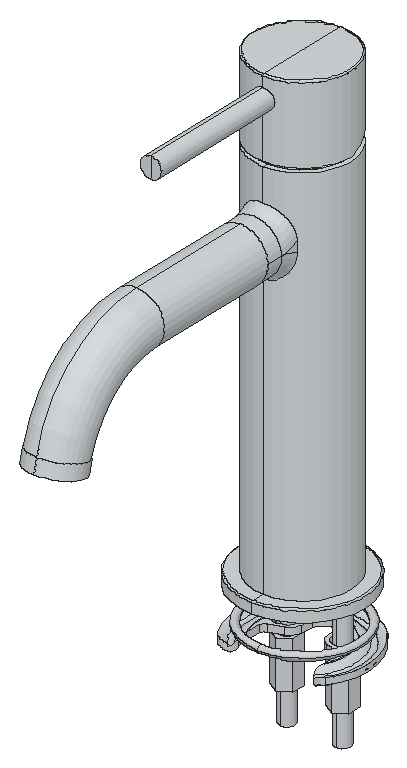
Revit family "Reece_Tap_Mizu_Drift_Basin Mixer_Curved", category Plumbing Fixtures, host Face, Revit 2018
Family settings
  Host = Face
  Round Connector Dimension = Use Diameter
  Part Type = Normal
  Cut with Voids When Loaded = No
  Shared = Yes
  Room Calculation Point = Yes
Parameters (values of type "120 mm_Brushed Nickel")
  WFU = 0  # constant formula
  URL = "https://www.reece.com.au/product/-2267240"
  Type Comments = "Tap"
  Reece_Tap_Reach = 120 mm  # constant formula
  Reece_Tap_Inlet = 12 mm  # constant formula
  Reece_Tap_Clearance = 92 mm  # constant formula
  Reece_Product_Web Page = "https://www.reece.com.au/product/-2267240"
  Reece_Product_Type = "Tap"  # constant formula
  Reece_Product_Sub Brand = "Drift"  # constant formula
  Reece_Product_Number = "2267240"
  Reece_Product_Mount = "Hob Mounted"  # constant formula
  Reece_Product_Description = "Mizu Drift Basin Mixer Curved Spout Brushed Nickel (6 Star) Lead Free"
  Reece_Product_Brand = "Mizu"  # constant formula
  Reece_Overall_Length = 155 mm  # constant formula
  Reece_Overall_Height = 185 mm  # constant formula
  Reece_Nozzle_Pipe Radius = 10.5 mm  # constant formula
  Reece_Material_Main = Reece_Brass_Brushed Nickel
  Reece_Detail_Installation = ""
  Reece_Detail_Disclaimer = "THIS FILE IS THE PROPERTY OF THE REECE GROUP. IT MAY NOT BE REPRODUCED, REVERSE-ENGINEERED, OR MODIFIED. ANY REPUBLICATION, TRANSMISSION, OR DISTRIBUTION FOR THE PURPOSE OF COMMERCIALLY EXPLOITING THE FILES IS PROHIBITED."  # constant formula
  Reece_Detail_Connector = ""
  Reece_Detail_Additional = ""
  Model = "Drift"
  Manufacturer = "Mizu"
  Keynote = "Product #2267240, Reece_Tap_Mizu_Drift_Basin Mixer_Curved - 120 mm_Brushed Nickel"
  HWFU = 0  # constant formula
  Disclaimer = "THIS FILE IS THE PROPERTY OF THE REECE GROUP. IT MAY NOT BE REPRODUCED, REVERSE-ENGINEERED, OR MODIFIED. ANY REPUBLICATION, TRANSMISSION, OR DISTRIBUTION FOR THE PURPOSE OF COMMERCIALLY EXPLOITING THE FILES IS PROHIBITED."  # constant formula
  Description = "Mizu Drift Basin Mixer Curved Spout Brushed Nickel (6 Star) Lead Free"
  Default Elevation = 1000 mm
  CWFU = 0  # constant formula
Types (6, lengths in mm): name | URL | Reece_Product_Web Page | Reece_Product_Number | Reece_Product_Description | Reece_Material_Main | Keynote | Description
  120 mm_Brushed Nickel | "https://www.reece.com.au/product/-2267240" | "https://www.reece.com.au/product/-2267240" | "2267240" | "Mizu Drift Basin Mixer Curved Spout Brushed Nickel (6 Star) Lead Free" | Reece_Brass_Brushed Nickel | "Product #2267240, Reece_Tap_Mizu_Drift_Basin Mixer_Curved - 120 mm_Brushed Nickel" | "Mizu Drift Basin Mixer Curved Spout Brushed Nickel (6 Star) Lead Free"
  120 mm_Chrome | "https://www.reece.com.au/product/-2267198" | "https://www.reece.com.au/product/-2267198" | "2267198" | "Mizu Drift Basin Mixer Curved Spout Chrome (6 Star) Lead Free" | Reece_Brass_Chrome | "Product #2267198, Reece_Tap_Mizu_Drift_Basin Mixer_Curved - 120 mm_Chrome" | "Mizu Drift Basin Mixer Curved Spout Chrome (6 Star) Lead Free"
  120 mm_Matte Black | "https://www.reece.com.au/product/-2267220" | "https://www.reece.com.au/product/-2267220" | "2267220" | "Mizu Drift Basin Mixer Curved Spout Matte Black (6 Star) Lead Free" | Reece_Brass_Matte Black | "Product #2267220, Reece_Tap_Mizu_Drift_Basin Mixer_Curved - 120 mm_Matte Black" | "Mizu Drift Basin Mixer Curved Spout Matte Black (6 Star) Lead Free"
  120 mm_Brushed Gunmetal | "https://www.reece.com.au/product/-2267260" | "https://www.reece.com.au/product/-2267260" | "2267260" | "Mizu Drift Basin Mixer Curved Spout Brushed Gunmetal (6 Star) Lead Free" | Reece_Brass_Brushed Gunmetal | "Product #2267260, Reece_Tap_Mizu_Drift_Basin Mixer_Curved - 120 mm_Brushed Gunmetal" | "Mizu Drift Basin Mixer Curved Spout Brushed Gunmetal (6 Star) Lead Free"
  120 mm_Brushed Brass | "https://www.reece.com.au/product/-2267280" | "https://www.reece.com.au/product/-2267280" | "2267280" | "Mizu Drift Basin Mixer Curved Spout Brushed Brass (6 Star) Lead Free" | Reece_Brass_Brushed | "Product #2267280, Reece_Tap_Mizu_Drift_Basin Mixer_Curved - 120 mm_Brushed Brass" | "Mizu Drift Basin Mixer Curved Spout Brushed Brass (6 Star) Lead Free"
  120 mm_Brushed Bronze | "https://www.reece.com.au/product/-2269191" | "https://www.reece.com.au/product/-2269191" | "2269191" | "Mizu Drift Basin Mixer Curved Spout Brushed Bronze (6 Star) Lead Free" | Reece_Brass_Brushed Bronze | "Product #2269191, Reece_Tap_Mizu_Drift_Basin Mixer_Curved - 120 mm_Brushed Bronze" | "Mizu Drift Basin Mixer Curved Spout Brushed Bronze (6 Star) Lead Free"
Reference planes
  plane 1 "Center (Front/Back)": y = 0
  plane 2: z = 0
  plane 3 "Center (Left/Right)": x = 0
  plane 4: y = -19
  plane 5: y = -120
  plane 6 "Top": z = 185
  plane 7: y = -73.243
  plane 8: y = -18.443
  plane 9: z = 92
  plane 10: through (0, -120, 92) normal (0, 0.9659, -0.2588)
  plane 11: z = 127
  plane 12: y = 24.5
  plane 13: y = -130.5
Forms (mm)
  Revolve 1, solid, material "Reece_Brass_Brushed Nickel" <- "Reece_Material_Main"
    sketch origin (0, 0, 0) x (0, 1, 0) y (0, 0, 1)
      loop
        line (-19, 152.8) -> (-19, 4.5) -> (-17.5, 4.5) -> (-17.5, 7) -> (0, 7) -> (0, 157.8) -> (-13.55, 157.8) -> (-13.55, 161.484)
        arc (-13.55, 161.484) -> (-15.733, 157.339) -> (-16.892, 152.8) r 20
        line (-16.892, 152.8) -> (-19, 152.8)
      axis (0, 161.484) -> (0, 4.5)
    angle from 0 to 360
  Revolve 2, solid, material "Reece_Brass_Brushed Nickel" <- "Reece_Material_Main"
    sketch origin (0, 0, 0) x (0, 1, 0) y (0, 0, 1)
      loop
        line (-17.5, 4.5) -> (-24, 4.5)
        arc (-24, 4.5) -> (-24.354, 4.354) -> (-24.5, 4) r 0.5
        line (-24.5, 4) -> (-24.5, 0) -> (-22, 0) -> (-22, -1) -> (-18, -1) -> (-18, 2) -> (-16.5, 2) -> (-16.5, 5.5) -> (-17.5, 5.5) -> (-17.5, 4.5)
      axis (0, 5.5) -> (0, -1)
    angle from 0 to 360
  Revolve 3, solid, material "Reece_Brass_Brushed Nickel" <- "Reece_Material_Main"
    sketch origin (0, 0, 1) x (0, 1, 0) y (0, 0, 1)
      loop
        line (-19, 153.55) -> (-17.852, 153.55) -> (-17.5, 158.59) -> (-17.5, 162.3) -> (0, 162.3) -> (0, 184)
        arc (0, 184) -> (-9.246, 183.907) -> (-18.489, 183.63) r 465.11
        arc (-18.489, 183.63) -> (-18.852, 183.467) -> (-19, 183.099) r 0.532
        line (-19, 183.099) -> (-19, 153.55)
      axis (0, 184) -> (0, 153.55)
    angle from 0 to 360
  Extrusion 4, void
    sketch origin (0, 21.394, 163.687) x (0, 0.91357, 0.406681) y (1, 0, 0)
      loop
        line (14.799, 24.5) -> (-35.201, 24.5) -> (-35.201, -24.5) -> (14.799, -24.5) -> (14.799, 24.5)
    from 0 to 19
  Revolve 5, void
    sketch origin (0, 0, -1.813) x (0, 1, 0) y (0, 0, 1)
      loop
        line (17.434, 173.743) -> (17.434, 169.75) -> (20.568, 169.75) -> (20.568, 173.743) -> (17.434, 173.743)
      axis (20.568, 169.75) -> (17.434, 169.75)
    angle from 0 to 360
  Revolve 6, solid, material "Reece_Brass_Brushed Nickel" <- "Reece_Material_Main"
    sketch origin (0, 0, -1.813) x (0, 1, 0) y (0, 0, 1)
      loop
        arc (19.852, 169.75) -> (19.653, 171.536) -> (19.065, 173.234) r 8.104
        arc (19.065, 173.234) -> (18.801, 173.532) -> (18.419, 173.642) r 0.716
        line (18.419, 173.642) -> (17.555, 173.642) -> (17.555, 169.75) -> (19.852, 169.75)
      axis (17.555, 169.75) -> (19.852, 169.75)
    angle from 0 to 360
  Revolve 7, solid
    sketch origin (0, 0, 0) x (0, 1, 0) y (0, 0, 1)
      loop
        circle (22.2, -14) r 1.3
      axis (1, -14) -> (1, -13)
    angle from 0 to 360
  Extrusion 8, void
    sketch origin (0, 2, 7) x (1, 0, 0) y (0, 1, 0)
      loop
        circle (-7, -9.5) r 6.7
      loop
        circle (-10.749, 4.019) r 3.519
      loop
        circle (10.75, 4) r 3.5
      loop
        circle (7, -9.5) r 6.7
    from 0 to 4
  Extrusion 9, solid
    sketch origin (0, 2, 7) x (0, 1, 0) y (1, 0, 0)
      loop
        circle (4, 10.75) r 3
      loop
        circle (4, -10.75) r 3
    from 0 to 61.5
  Revolve 10, solid
    sketch origin (0, 0, 0) x (0, 1, 0) y (0, 0, 1)
      loop
        arc (18.75, -21.5) -> (21.75, -23) -> (24.75, -21.5) r 3.75
        line (24.75, -21.5) -> (25.75, -21.5) -> (25.75, -19)
        arc (25.75, -19) -> (24.212, -19.499) -> (22.941, -20.498) r 4.61
        arc (22.941, -20.498) -> (21.841, -21) -> (20.728, -20.527) r 1.5
        arc (20.728, -20.527) -> (19.122, -19.398) -> (17.2, -19) r 4.84
        line (17.2, -19) -> (17.2, -21.5) -> (18.75, -21.5)
      axis (0, -19) -> (0, -21.5)
    angle from 0 to 360
  Extrusion 11, solid
    sketch origin (0, 0, -23) x (1, 0, 0) y (0, 1, 0)
      loop
        arc (-9.053, 2.711) -> (-6.961, 7.197) -> (-11.447, 9.289) r 3.5
        line (-11.447, 9.289) -> (-13.326, 8.605)
        arc (-13.326, 8.605) -> (-15.418, 4.119) -> (-10.932, 2.027) r 3.5
        line (-10.932, 2.027) -> (-9.053, 2.711)
      loop
        arc (-5.01, 5.791) -> (-6.06, 3.288) -> (-8.263, 1.702) r 5
        line (-8.263, 1.702) -> (-13.684, -0.271)
        arc (-13.684, -0.271) -> (-14.638, -1.003) -> (-15, -2.15) r 2
        line (-15, -2.15) -> (-15, -8.417)
        arc (-15, -8.417) -> (0, 17.2) -> (15, -8.417) r 17.2
        line (15, -8.417) -> (15, -2.15)
        arc (15, -2.15) -> (14.638, -1.003) -> (13.684, -0.271) r 2
        line (13.684, -0.271) -> (8.263, 1.702)
        arc (8.263, 1.702) -> (6.06, 3.288) -> (5.01, 5.791) r 5
        line (5.01, 5.791) -> (4.466, 10.221)
        arc (4.466, 10.221) -> (0, 14.173) -> (-4.466, 10.221) r 4.5
        line (-4.466, 10.221) -> (-5.01, 5.791)
      loop
        arc (11.447, 9.289) -> (6.961, 7.197) -> (9.053, 2.711) r 3.5
        line (9.053, 2.711) -> (10.932, 2.027)
        arc (10.932, 2.027) -> (15.418, 4.119) -> (13.326, 8.605) r 3.5
        line (13.326, 8.605) -> (11.447, 9.289)
    from 1.5 to 4
  Extrusion 12, void
    sketch origin (0, 0, -23) x (1, 0, 0) y (0, 1, 0)
      loop
        line (27.556, -34.599) -> (27.556, -14.961) -> (20.958, -14.961)
        arc (20.958, -14.961) -> (17.049, -15.272) -> (15, -11.93) r 3.75
        line (15, -11.93) -> (15, -8.417) -> (-15, -8.417) -> (-15, -11.93)
        arc (-15, -11.93) -> (-17.049, -15.272) -> (-20.958, -14.961) r 3.75
        line (-20.958, -14.961) -> (-27.556, -14.961) -> (-27.556, -34.599) -> (27.556, -34.599)
    from 0 to 5
  Extrusion 13, solid
    sketch origin (0, 0, 0) x (1, 0, 0) y (0, 1, 0)
      loop
        circle (10.75, 6) r 3
      loop
        line (10.75, 11.196) -> (6.25, 8.598) -> (6.25, 3.402) -> (10.75, 0.804) -> (15.25, 3.402) -> (15.25, 8.598) -> (10.75, 11.196)
      loop
        circle (-10.75, 6) r 3
      loop
        line (-10.75, 11.196) -> (-15.25, 8.598) -> (-15.25, 3.402) -> (-10.75, 0.804) -> (-6.25, 3.402) -> (-6.25, 8.598) -> (-10.75, 11.196)
    from -41.5 to -23
  Extrusion 14, void
    sketch origin (0, 0, 0) x (1, 0, 0) y (0, 1, 0)
      loop
        circle (0, 0) r 22
    from 0 to -35
  Revolve 15, solid, material "Reece_Brass_Brushed Nickel" <- "Reece_Material_Main"
    sketch origin (0, -229.818, 400.763) x (0, -1, 0) y (0, 0, -1)
      loop
        line (-211.374, 228.583) -> (-211.374, 224.583) -> (-156.574, 224.583) -> (-156.574, 228.583) -> (-211.374, 228.583)
      axis (-211.374, 224.583) -> (-156.574, 224.583)
    angle from 0 to 360
  Sweep 16, solid, material "Reece_Brass_Brushed Nickel" <- "Reece_Material_Main"
    path origin (0, 0, 0) x (0, 1, 0) y (0, 0, 1)
      loop
        line (-29.929, 127) -> (-79.929, 127)
        arc (-79.929, 127) -> (-104.279, 118.734) -> (-118.566, 97.353) r 40
        line (-118.566, 97.353) -> (-120, 92)
    profile origin (0, -54.929, 127) x (0, 0, -1) y (1, 0, 0)
      loop
        circle (0, 0) r 10.5
  Sweep 17, solid, material "Reece_Brass_Brushed Nickel" <- "Reece_Material_Main"
    path origin (0, 0, 0) x (0, 1, 0) y (0, 0, 1)
      loop
        line (-29.929, 137.5) -> (-23.438, 137.5)
        arc (-23.438, 137.5) -> (-19.902, 138.964) -> (-18.438, 142.5) r 5
        line (-18.438, 142.5) -> (-18.438, 147.5)
    profile origin (0, -26.683, 137.5) x (0, 0, 1) y (1, 0, 0)
      loop
        arc (-10.5, -10.5) -> (0, 0) -> (-10.5, 10.5) r 10.5
        line (-10.5, 10.5) -> (-10.5, -10.5)
  Revolve 18, void
    sketch origin (0, 0, 0) x (0, 1, 0) y (0, 0, 1)
      loop
        line (-120.258, 91.037) -> (-109.445, 88.139) -> (-109.187, 89.103) -> (-110.567, 89.472) -> (-110.041, 91.436) -> (-111.007, 91.695) -> (-111.27, 90.713) -> (-119.737, 92.982) -> (-120.258, 91.037)
      axis (-120.258, 91.037) -> (-119.474, 93.964)
    angle from 0 to 360
  Sweep 19, solid, material "Reece_Brass_Brushed Nickel" <- "Reece_Material_Main"
    path origin (0, 0, 254) x (0, 1, 0) y (0, 0, -1)
      loop
        line (-29.929, 137.5) -> (-23.438, 137.5)
        arc (-23.438, 137.5) -> (-19.902, 138.964) -> (-18.438, 142.5) r 5
        line (-18.438, 142.5) -> (-18.438, 147.5)
    profile origin (0, -26.683, 116.5) x (0, 0, 1) y (1, 0, 0)
      loop
        line (10.5, -10.5) -> (10.5, 10.5)
        arc (10.5, 10.5) -> (0, 0) -> (10.5, -10.5) r 10.5
  Extrusion 20, solid, material "Reece_Brass_Brushed Nickel" <- "Reece_Material_Main"
    sketch origin (0, 0, 0) x (0, 1, 0) y (0, 0, 1)
      loop
        arc (-23.438, 127) -> (-12.477, 122.46) -> (-7.938, 111.5) r 15.5
        line (-7.938, 111.5) -> (-7.938, 142.5)
        arc (-7.938, 142.5) -> (-12.477, 131.54) -> (-23.438, 127) r 15.5
    from -10.5 to 10.5
Cuts and joins
  Extrusion 4, Revolve 5 cuts Revolve 3
  joined: Revolve 3, Revolve 15
  Extrusion 8 cuts Extrusion 9
  Extrusion 12 cuts Revolve 10
  Extrusion 8 cuts Revolve 2
  Extrusion 8 cuts Revolve 1
  Revolve 18 cuts Sweep 16
  joined: Revolve 1, Sweep 16, Sweep 17, Sweep 19, Extrusion 20
Lines and regions (mm)
  reference lines
    curve 1: line (0, 42.299, 172.993) -> (0, 0.166, 154.237)
Text (mm)
  text "Reece ©" at (-747.266, -372.688, 0), in view "Ref. Level"
  text "Reece ©" at (-1.128, 151.197, 130.104), in view "Reece Preview"
Dimensions and locks
  locked: Revolve 1 sketch curve to Revolve 1 sketch curve at 2.5
  Revolve 1 sketch curve to Revolve 1 sketch curve = 19 mm
  Revolve 2 sketch curve to Revolve 2 sketch curve = 24.5 mm
  locked: Revolve 2 sketch curve to Revolve 2 sketch curve at 2.5
  locked: Revolve 2 sketch curve to Revolve 2 sketch curve at 3.5
  locked: Revolve 2 sketch curve to Revolve 2 sketch curve at 1
  Revolve 2 sketch curve to Revolve 2 sketch curve = 17.5 mm
  locked: Revolve 2 sketch curve to Revolve 2 sketch curve at 1.5
  Revolve 3 sketch curve to Revolve 3 sketch curve = 19 mm
  locked: Revolve 3 sketch curve to Revolve 3 sketch curve at 1.5
  Extrusion 4 sketch curve to curve 1 to Extrusion 4 sketch curve = 24.5 mm, 24.5 mm
  locked: plane 7 to plane 8 at 54.8
  "Reece_Tap_Reach": plane 5 to plane 1 "Center (Front/Back)"
  "Reece_Overall_Height": plane 6 "Top" to level
  "Reece_Tap_Clearance": plane 9 to level
  "Reece_Overall_Length": plane 12 to plane 13
  "Reece_Nozzle_Pipe Radius": radius of Sweep 16 sketch curve
  angle plane 10 to plane 5 = 15.00°
  angle plane 5 to plane 10 = 15.00°
  aligned and locked: plane 2 to host face
  aligned and locked: level to host face
  aligned and locked: Revolve 3 sketch curve to Revolve 3 sketch curve
  aligned and locked: Revolve 15 sketch curve to Revolve 15 sketch curve
  aligned and locked: plane 7 to Revolve 15 sketch curve
  aligned and locked: plane 8 to Revolve 15 sketch curve
  aligned and locked: Revolve 18 sketch curve to plane 10
Automatic sketch dimensions
  host sketch curve to host sketch curve = 380.785 mm
  host sketch curve to host sketch curve = 317.421 mm
  curve 1 to plane 1 "Center (Front/Back)" = 0.166 mm
  curve 1 to plane 11 = 27.238 mm
  curve 1 to plane 12 = 17.799 mm
  curve 1 to plane 6 "Top" = 12.007 mm
  Revolve 1 sketch curve to plane 4 = 0 mm
  Revolve 1 sketch curve to plane 1 "Center (Front/Back)" = 0 mm
  Revolve 1 sketch curve to Revolve 1 sketch curve = 1.5 mm
  Revolve 1 sketch curve to Revolve 1 sketch curve = 2.108 mm
  Revolve 1 sketch curve to plane 4 = 5.45 mm
  Revolve 1 sketch curve to plane 1 "Center (Front/Back)" = 2.932 mm
  level to Revolve 1 sketch curve = 4.5 mm
  Revolve 1 sketch curve to plane 11 = 23.156 mm
  Revolve 1 sketch curve to Revolve 1 sketch curve = 2.644 mm
  Revolve 1 sketch curve to Revolve 1 sketch curve = 7.644 mm
  Revolve 1 sketch curve to level = 340.81 mm
  plane 6 "Top" to Revolve 1 sketch curve = 2226.37 mm
  Revolve 2 sketch curve to level = 0 mm
  Revolve 2 sketch curve to plane 1 "Center (Front/Back)" = 0 mm
  Revolve 2 sketch curve to Revolve 2 sketch curve = 0.5 mm
  Revolve 2 sketch curve to level = 1 mm
  level to Revolve 2 sketch curve = 2 mm
  Revolve 2 sketch curve to Revolve 2 sketch curve = 4 mm
  Revolve 2 sketch curve to Revolve 2 sketch curve = 339.81 mm
  plane 6 "Top" to Revolve 2 sketch curve = 2226.37 mm
  Revolve 3 sketch curve to plane 4 = 0 mm
  Revolve 3 sketch curve to plane 6 "Top" = 0 mm
  Revolve 3 sketch curve to plane 4 = 0.532 mm
  Revolve 3 sketch curve to Revolve 3 sketch curve = 1.148 mm
  Revolve 3 sketch curve to plane 1 "Center (Front/Back)" = 0.055 mm
  Revolve 3 sketch curve to plane 6 "Top" = 0.901 mm
  Revolve 3 sketch curve to Revolve 3 sketch curve = 20.799 mm
  Revolve 3 sketch curve to Revolve 3 sketch curve = 3.71 mm
  Revolve 3 sketch curve to Revolve 3 sketch curve = 5.04 mm
  Revolve 3 sketch curve to level = 280.11 mm
  Revolve 3 sketch curve to Revolve 3 sketch curve = 59.7 mm
  Revolve 3 sketch curve to Revolve 3 sketch curve = 2176.364 mm
  Extrusion 4 sketch curve to curve 1 = 11.965 mm
  Extrusion 4 sketch curve to curve 1 = 8.083 mm
  plane 12 to Revolve 5 sketch curve = 7.066 mm
  Revolve 5 sketch curve to Revolve 5 sketch curve = 3.134 mm
  Revolve 5 sketch curve to plane 6 "Top" = 17.062 mm
  Revolve 5 sketch curve to Revolve 5 sketch curve = 3.993 mm
  Revolve 5 sketch curve to Revolve 5 sketch curve = 2.864 mm
  Revolve 5 sketch curve to plane 12 = 0.07 mm
  Revolve 5 sketch curve to Revolve 5 sketch curve = 0 mm
  Revolve 6 sketch curve to plane 1 "Center (Front/Back)" = 11.748 mm
  Revolve 6 sketch curve to Revolve 6 sketch curve = 5.807 mm
  Revolve 6 sketch curve to Revolve 6 sketch curve = 0.864 mm
  Revolve 6 sketch curve to Revolve 6 sketch curve = 2.297 mm
  Revolve 6 sketch curve to plane 6 "Top" = 17.062 mm
  Revolve 6 sketch curve to Revolve 6 sketch curve = 3.177 mm
  Revolve 6 sketch curve to Revolve 6 sketch curve = 0.716 mm
  Revolve 6 sketch curve to Revolve 6 sketch curve = 1.775 mm
  Revolve 6 sketch curve to plane 12 = 1.006 mm
  Revolve 6 sketch curve to Revolve 6 sketch curve = 0 mm
  plane 12 to Revolve 7 sketch curve = 2.3 mm
  Revolve 7 sketch curve to level = 14 mm  (x2)
  Revolve 7 sketch curve to plane 1 "Center (Front/Back)" = 1 mm
  Revolve 7 sketch curve to Revolve 7 sketch curve = 4.102 mm
  Revolve 1 to Extrusion 8 sketch curve = 10.749 mm
  Revolve 1 to Extrusion 8 sketch curve = 7 mm
  Extrusion 8 sketch curve to Revolve 1 = 7 mm
  Extrusion 8 sketch curve to Revolve 1 = 10.75 mm
  Extrusion 8 sketch curve to Extrusion 8 sketch curve = 0 mm
  Extrusion 8 sketch curve to Extrusion 8 sketch curve = 13.5 mm
  Extrusion 8 sketch curve to Extrusion 8 sketch curve = 13.519 mm
  Revolve 1 to Extrusion 9 sketch curve = 10.75 mm
  Extrusion 9 sketch curve to Extrusion 9 sketch curve = 0 mm
  Extrusion 9 sketch curve to Revolve 1 = 10.75 mm
  Revolve 10 sketch curve to plane 1 "Center (Front/Back)" = 0 mm
  plane 12 to Revolve 10 sketch curve = 7.3 mm
  Revolve 10 sketch curve to Revolve 10 sketch curve = 1.55 mm
  plane 12 to Revolve 10 sketch curve = 2.75 mm
  Revolve 10 sketch curve to Revolve 10 sketch curve = 0.072 mm
  Revolve 10 sketch curve to plane 12 = 0.25 mm
  Revolve 10 sketch curve to plane 12 = 1.25 mm
  Revolve 10 sketch curve to plane 12 = 1.882 mm
  Revolve 10 sketch curve to level = 23.84 mm
  Revolve 10 sketch curve to Revolve 10 sketch curve = 0.274 mm
  Revolve 10 sketch curve to Revolve 10 sketch curve = 2.34 mm
  Revolve 10 sketch curve to Revolve 10 sketch curve = 2 mm
  Revolve 10 sketch curve to Revolve 10 sketch curve = 0.25 mm
  Revolve 10 sketch curve to Revolve 10 sketch curve = 2.5 mm  (x2)
  Revolve 10 sketch curve to Revolve 10 sketch curve = 0 mm
  Revolve 10 sketch curve to Revolve 10 sketch curve = 316.97 mm
  plane 6 "Top" to Revolve 10 sketch curve = 658.832 mm
  plane 1 "Center (Front/Back)" to Extrusion 11 sketch curve = 0 mm
  Extrusion 11 sketch curve to plane 3 "Center (Left/Right)" = 0 mm  (x2)
  Extrusion 11 sketch curve to plane 3 "Center (Left/Right)" = 4.466 mm
  Extrusion 11 sketch curve to Extrusion 11 sketch curve = 0.544 mm  (x2)
  Extrusion 11 sketch curve to plane 1 "Center (Front/Back)" = 1.702 mm  (x2)
  Extrusion 11 sketch curve to Extrusion 11 sketch curve = 3.253 mm  (x2)
  Extrusion 11 sketch curve to plane 1 "Center (Front/Back)" = 2.711 mm
  Extrusion 11 sketch curve to Extrusion 11 sketch curve = 0.79 mm  (x2)
  Extrusion 11 sketch curve to Extrusion 11 sketch curve = 0.92 mm  (x2)
  Extrusion 11 sketch curve to Extrusion 11 sketch curve = 0.277 mm  (x2)
  Extrusion 11 sketch curve to plane 1 "Center (Front/Back)" = 2.027 mm  (x2)
  Extrusion 11 sketch curve to Extrusion 11 sketch curve = 1.879 mm  (x6)
  Extrusion 11 sketch curve to Extrusion 11 sketch curve = 1.474 mm  (x2)
  Extrusion 11 sketch curve to Extrusion 11 sketch curve = 2.068 mm  (x2)
  Extrusion 11 sketch curve to plane 1 "Center (Front/Back)" = 8.605 mm
  plane 1 "Center (Front/Back)" to Extrusion 11 sketch curve = 0.271 mm  (x2)
  Extrusion 11 sketch curve to Extrusion 11 sketch curve = 0.684 mm  (x2)
  Extrusion 11 sketch curve to Extrusion 11 sketch curve = 2 mm
  plane 3 "Center (Left/Right)" to Extrusion 11 sketch curve = 4.466 mm
  plane 1 "Center (Front/Back)" to Extrusion 11 sketch curve = 2.15 mm
  Extrusion 11 sketch curve to Extrusion 11 sketch curve = 6.266 mm
  Extrusion 11 sketch curve to Extrusion 11 sketch curve = 1.009 mm
  Extrusion 11 sketch curve to Extrusion 11 sketch curve = 3.289 mm
  Extrusion 11 sketch curve to Extrusion 11 sketch curve = 3.08 mm  (x2)
  Extrusion 11 sketch curve to Extrusion 11 sketch curve = 0.401 mm  (x2)
  Extrusion 11 sketch curve to Extrusion 11 sketch curve = 3.882 mm
  Extrusion 11 sketch curve to Extrusion 11 sketch curve = 4.43 mm
  Extrusion 12 sketch curve to plane 3 "Center (Left/Right)" = 27.556 mm
  Extrusion 12 sketch curve to Extrusion 12 sketch curve = 6.599 mm  (x2)
  Extrusion 12 sketch curve to Extrusion 12 sketch curve = 2.208 mm  (x2)
  Extrusion 12 sketch curve to Extrusion 12 sketch curve = 3.75 mm  (x2)
  plane 3 "Center (Left/Right)" to Extrusion 12 sketch curve = 15 mm
  plane 4 to Extrusion 12 sketch curve = 15.599 mm
  Extrusion 12 sketch curve to plane 4 = 4.039 mm  (x2)
  Extrusion 12 sketch curve to Extrusion 12 sketch curve = 3.514 mm
  Extrusion 13 sketch curve to plane 3 "Center (Left/Right)" = 15.25 mm
  Extrusion 13 sketch curve to plane 1 "Center (Front/Back)" = 0.804 mm  (x2)
  Extrusion 13 sketch curve to Extrusion 13 sketch curve = 4.5 mm  (x6)
  Extrusion 13 sketch curve to Extrusion 13 sketch curve = 0 mm  (x2)
  plane 3 "Center (Left/Right)" to Extrusion 13 sketch curve = 6.25 mm
  Extrusion 13 sketch curve to plane 1 "Center (Front/Back)" = 3.402 mm  (x4)
  Extrusion 13 sketch curve to Extrusion 13 sketch curve = 5.196 mm  (x7)
  Extrusion 13 sketch curve to Extrusion 13 sketch curve = 2.598 mm
  Extrusion 14 sketch curve to Extrusion 14 sketch curve = 0 mm  (x2)
  Extrusion 14 sketch curve to plane 3 "Center (Left/Right)" = 0 mm
  plane 1 "Center (Front/Back)" to Extrusion 14 sketch curve = 0 mm
  plane 4 to Extrusion 14 sketch curve = 3 mm
  Revolve 15 sketch curve to plane 6 "Top" = 8.82 mm
  Revolve 15 sketch curve to Revolve 15 sketch curve = 4 mm
  plane 1 "Center (Front/Back)" to Revolve 15 sketch curve = 6.141 mm
  Revolve 15 sketch curve to plane 7 = 16.478 mm
  Sweep 16 sketch curve to plane 5 = 0 mm
  plane 10 to Sweep 16 sketch curve = 0 mm
  plane 11 to Sweep 16 sketch curve = 0 mm
  plane 9 to Sweep 16 sketch curve = 0 mm
  plane 5 to Sweep 16 sketch curve = 1.434 mm
  plane 9 to Sweep 16 sketch curve = 5 mm
  plane 4 to Sweep 16 sketch curve = 10.929 mm
  plane 4 to Sweep 17 sketch curve = 4.438 mm
  Sweep 17 sketch curve to plane 4 = 0.562 mm
  Sweep 17 sketch curve to plane 11 = 10.5 mm
  Sweep 17 sketch curve to Sweep 17 sketch curve = 6.491 mm
  Sweep 17 sketch curve to Sweep 17 sketch curve = 5 mm
  Sweep 17 sketch curve to plane 3 "Center (Left/Right)" = 0 mm
  profile plane to Sweep 17 sketch curve = 10.5 mm
  Sweep 17 sketch curve to plane 3 "Center (Left/Right)" = 10.5 mm
  Sweep 19 sketch curve to plane 4 = 4.438 mm
  plane 4 to Sweep 19 sketch curve = 0.562 mm
  Sweep 19 sketch curve to plane 11 = 10.5 mm
  Sweep 19 sketch curve to Sweep 19 sketch curve = 6.491 mm
  Sweep 19 sketch curve to Sweep 19 sketch curve = 5 mm
  Sweep 19 sketch curve to plane 3 "Center (Left/Right)" = 0 mm
  Sweep 19 sketch curve to profile plane = 10.5 mm
  Sweep 19 sketch curve to plane 3 "Center (Left/Right)" = 10.5 mm
  plane 11 to Extrusion 20 sketch curve = 0 mm  (x2)
  plane 4 to Extrusion 20 sketch curve = 4.438 mm  (x2)
  Extrusion 20 sketch curve to Extrusion 20 sketch curve = 15.5 mm
  Extrusion 20 sketch curve to plane 11 = 15.5 mm
  Extrusion 20 sketch curve to Extrusion 20 sketch curve = 0 mm
  plane 10 to Revolve 18 sketch curve = 0 mm  (x2)
  Revolve 18 sketch curve to plane 5 = 0.258 mm
  plane 9 to Revolve 18 sketch curve = 2.528 mm
  plane 9 to Revolve 18 sketch curve = 3.861 mm
  Revolve 18 sketch curve to plane 13 = 4.3 mm
  plane 5 to Revolve 18 sketch curve = 0.263 mm
  Revolve 18 sketch curve to Revolve 18 sketch curve = 0.703 mm
  plane 5 to Revolve 18 sketch curve = 14.738 mm
  plane 9 to Revolve 18 sketch curve = 1.287 mm
  plane 9 to Revolve 18 sketch curve = 0.305 mm
  Sweep 16 sketch curve to plane 3 "Center (Left/Right)" = 0 mm
  Sweep 16 sketch curve to profile plane = 0 mm
  radius of Revolve 7 sketch curve = 1.3 mm
  radius of Extrusion 8 sketch curve = 6.7 mm  (x2)
  radius of Extrusion 8 sketch curve = 3.519 mm
  radius of Extrusion 8 sketch curve = 3.5 mm
  radius of Extrusion 9 sketch curve = 3 mm  (x2)
  radius of Extrusion 13 sketch curve = 3 mm  (x2)
Connectors
  piping at (-7, -7.5, 11), diameter 12, driven by "Reece_Tap_Inlet"
    settings: on cut or joined group of Revolve 1, Extrusion 8, Sweep 16, Sweep 17, Revolve 18, Sweep 19, Extrusion 20, index 1, connector inside diameter 609.6 mm, connector length 0 mm, flow factor 0, pipe flow 0.0 L/s, pressure drop 0.0 Pa, fitting loss kfactor 0, connector angle 0.00°, fixture units 0, engagement length 0 mm, angle of deflection 0.00°, flow configuration 0, flow direction 2, fitting loss method 0, system type 29, joint type 0, gender type 0, connector reference index -1, connector utility 0, adjustable connector no, is connector primary yes, connector description "Hot Water"
  piping at (7, -7.5, 11), diameter 12, driven by "Reece_Tap_Inlet"
    settings: on cut or joined group of Revolve 1, Extrusion 8, Sweep 16, Sweep 17, Revolve 18, Sweep 19, Extrusion 20, index 2, connector inside diameter 609.6 mm, connector length 0 mm, flow factor 0, pipe flow 0.0 L/s, pressure drop 0.0 Pa, fitting loss kfactor 0, connector angle 0.00°, fixture units 0, engagement length 0 mm, angle of deflection 0.00°, flow configuration 0, flow direction 2, fitting loss method 0, system type 29, joint type 0, gender type 0, connector reference index -1, connector utility 0, adjustable connector no, is connector primary no, connector description "Cold Water"
